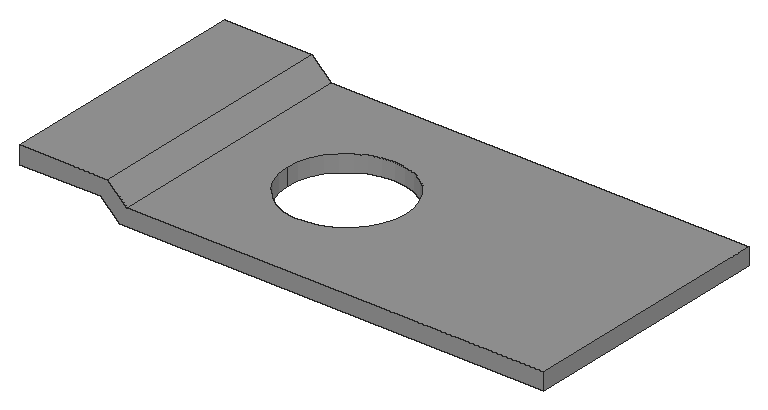
Revit family "7400980Verbindungswinkel- VW E-AA29.04", category Generic Models, Revit 2017
Family settings
  Can host rebar = No
  Round Connector Dimension = Use Diameter
  Part Type = Normal
  Work Plane-Based = No
  Always vertical = Yes
  Cut with Voids When Loaded = No
  Shared = No
  Room Calculation Point = No
Parameters (values of type "VW E")
  Width = 61.6 mm
  URL = "http://www.obo-bettermann.com"
  Radius = 7 mm
  Material = Strip-galvanised
  Manufacturer Art.No. = "7400980"
  Manufacturer = "OBO Bettermann"
  Height = 30 mm
  GTIN = "4012195433026"
  Article Type = "VW E"
Reference planes
  plane 1 "Center (Front/Back)": y = 0
  plane 2: z = 0
  plane 3 "Center (Left/Right)": x = 0
  plane 4 "2.2": z = 2.2
  plane 5: y = -15
Forms (mm)
  Extrusion 1, solid, material "Strip-galvanised" <- "Material"
    sketch origin (-2.11, 0, 0) x (1, 0, 0) y (0, 0, 1)
      loop
        line (-12.76, 0) -> (37.11, 0) -> (37.11, 2) -> (-11.932, 2) -> (-14.156, 4.224) -> (-24.45, 4.224) -> (-24.45, 2.2) -> (-14.96, 2.2) -> (-12.76, 0)
    from 0 to 30
  Extrusion 2, void
    sketch origin (-0.354, 0, 0) x (1, 0, 0) y (0, 1, 0)
      loop
        circle (0.069, -14.871) r 7
    from 0 to 2
Cuts and joins
  Extrusion 2 cuts Extrusion 1
Dimensions and locks
  locked: plane 4 "2.2" to Extrusion 1 sketch curve at 2.2
  "Width": Extrusion 1 sketch curve to Extrusion 1 sketch curve
  locked: Extrusion 1 to Extrusion 1 at 2  (x3)
  "Height": Extrusion 1 to Extrusion 1
  "Width": Extrusion 1 to Extrusion 1
  locked: plane 3 "Center (Left/Right)" to Extrusion 1 at 35
  locked: Extrusion 1 to plane 5 at 15
  plane 3 "Center (Left/Right)" to Extrusion 1 = 35 mm
  radius of cut or joined group of Extrusion 1, Extrusion 2 = 7 mm
  locked: Extrusion 1 sketch curve to level (angle 45.00°)
  aligned and locked: level to plane 2
  aligned and locked: Extrusion 1 sketch curve to plane 4 "2.2"
  aligned and locked: Extrusion 1 to level
  aligned and locked: Extrusion 2 to level
  aligned and locked: Extrusion 1 to Extrusion 2
Automatic sketch dimensions
  Extrusion 1 sketch curve to plane 3 "Center (Left/Right)" = 17.071 mm
  Extrusion 1 sketch curve to Extrusion 1 sketch curve = 0.804 mm
  Extrusion 1 sketch curve to Extrusion 1 sketch curve = 0.828 mm
  plane 3 "Center (Left/Right)" to Extrusion 1 sketch curve = 35 mm
  plane 4 "2.2" to Extrusion 1 sketch curve = 2.024 mm
  Extrusion 2 sketch curve to plane 3 "Center (Left/Right)" = 0.285 mm
  plane 5 to Extrusion 2 sketch curve = 0.129 mm
  Extrusion 1 sketch curve to plane 4 "2.2" = 0.2 mm
  radius of Extrusion 2 sketch curve = 7 mm
